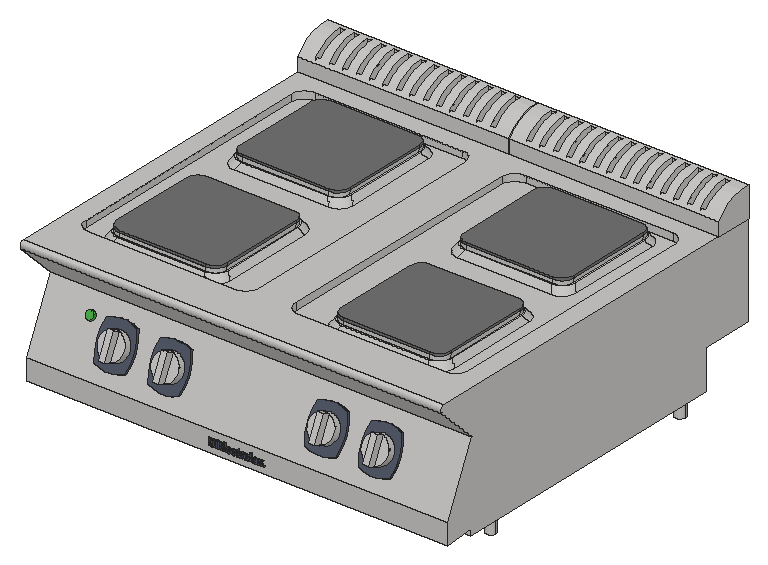
Revit family "QF_ELECTROLUXPROFESSIONAL_371017_E7ECEH4Q00", category Specialty Equipment, Revit 2018 (continued)
Automatic sketch dimensions
  Extrusion 8 sketch curve to Extrusion 8 sketch curve = 0.472 mm
  Extrusion 8 sketch curve to Extrusion 8 sketch curve = 0.101 mm
  Extrusion 8 sketch curve to Extrusion 8 sketch curve = 0.54 mm
  Extrusion 8 sketch curve to Extrusion 8 sketch curve = 0.02 mm
  Extrusion 8 sketch curve to Extrusion 8 sketch curve = 0.468 mm
  Extrusion 8 sketch curve to Extrusion 8 sketch curve = 0.829 mm
  Extrusion 8 sketch curve to Extrusion 8 sketch curve = 0.582 mm
  Extrusion 8 sketch curve to Extrusion 8 sketch curve = 0.166 mm
  Extrusion 8 sketch curve to Extrusion 8 sketch curve = 0.16 mm
  Extrusion 8 sketch curve to Extrusion 8 sketch curve = 2.781 mm
  Extrusion 8 sketch curve to Extrusion 8 sketch curve = 1.118 mm
  Extrusion 8 sketch curve to Extrusion 8 sketch curve = 0.613 mm
  Extrusion 8 sketch curve to Extrusion 8 sketch curve = 0.361 mm
  Extrusion 8 sketch curve to Extrusion 8 sketch curve = 0.897 mm
  Extrusion 8 sketch curve to Extrusion 8 sketch curve = 0.167 mm
  Extrusion 8 sketch curve to Extrusion 8 sketch curve = 0.292 mm
  Extrusion 8 sketch curve to Extrusion 8 sketch curve = 0.305 mm
  Extrusion 8 sketch curve to Extrusion 8 sketch curve = 1.557 mm
  Extrusion 8 sketch curve to Extrusion 8 sketch curve = 2.499 mm
  Extrusion 8 sketch curve to Extrusion 8 sketch curve = 3.062 mm
  Extrusion 8 sketch curve to Extrusion 8 sketch curve = 2.968 mm
  Extrusion 8 sketch curve to Extrusion 8 sketch curve = 5.044 mm
  Extrusion 8 sketch curve to Extrusion 8 sketch curve = 0.629 mm  (x2)
  Extrusion 8 sketch curve to Extrusion 8 sketch curve = 1.131 mm
  Extrusion 8 sketch curve to Extrusion 8 sketch curve = 0.137 mm
  Extrusion 8 sketch curve to Extrusion 8 sketch curve = 0.027 mm
  Extrusion 8 sketch curve to Extrusion 8 sketch curve = 2.235 mm
  Extrusion 9 sketch curve to plane 10 "TOP A" = 0 mm
  Extrusion 9 sketch curve to plane 1 "BACK" = 0 mm
  plane 1 "BACK" to Extrusion 9 sketch curve = 4.947 mm
  plane 6 "TOP" to Extrusion 9 sketch curve = 11.113 mm
  plane 1 "BACK" to Extrusion 9 sketch curve = 69.85 mm
  Extrusion 9 sketch curve to plane 10 "TOP A" = 24.807 mm
  plane 1 "BACK" to Extrusion 10 sketch curve = 6.761 mm  (x14)
  Extrusion 10 sketch curve to Extrusion 10 sketch curve = 57.15 mm
  Extrusion 10 sketch curve to Extrusion 10 sketch curve = 0 mm  (x13)
  Extrusion 10 sketch curve to Extrusion 10 sketch curve = 9.296 mm  (x14)
  Extrusion 10 sketch curve to Extrusion 10 sketch curve = 16.193 mm  (x13)
  Extrusion 11 sketch curve to plane 10 "TOP A" = 0 mm
  Extrusion 11 sketch curve to plane 1 "BACK" = 0 mm
  plane 1 "BACK" to Extrusion 11 sketch curve = 4.947 mm
  plane 6 "TOP" to Extrusion 11 sketch curve = 11.113 mm
  plane 1 "BACK" to Extrusion 11 sketch curve = 69.85 mm
  Extrusion 11 sketch curve to plane 10 "TOP A" = 24.807 mm
  plane 1 "BACK" to Extrusion 12 sketch curve = 6.761 mm  (x14)
  Extrusion 12 sketch curve to Extrusion 12 sketch curve = 57.15 mm
  Extrusion 12 sketch curve to Extrusion 12 sketch curve = 0 mm  (x13)
  plane 7 "Center Y" to Extrusion 12 sketch curve = 29.703 mm
  Extrusion 12 sketch curve to Extrusion 12 sketch curve = 9.296 mm  (x14)
  Extrusion 12 sketch curve to Extrusion 12 sketch curve = 16.193 mm  (x13)
  Extrusion 1 to Extrusion 13 sketch curve = 35.025 mm
  Extrusion 13 sketch curve to Extrusion 13 sketch curve = 25.4 mm  (x6)
  Extrusion 13 sketch curve to Extrusion 13 sketch curve = 279.2 mm  (x2)
  Extrusion 1 to Extrusion 13 sketch curve = 103.359 mm
  Extrusion 13 sketch curve to Extrusion 13 sketch curve = 70.05 mm
  Extrusion 1 to Extrusion 13 sketch curve = 60.425 mm  (x2)
  Extrusion 1 to Extrusion 13 sketch curve = 77.959 mm
  Extrusion 1 to Extrusion 13 sketch curve = 130.285 mm
  Extrusion 13 sketch curve to Extrusion 13 sketch curve = 0 mm
  Extrusion 14 sketch curve to Extrusion 14 sketch curve = 0 mm
  Extrusion 14 sketch curve to Extrusion 14 sketch curve = 12.3 mm  (x3)
  Extrusion 14 sketch curve to Extrusion 14 sketch curve = 34.925 mm  (x2)
  Extrusion 14 sketch curve to Extrusion 14 sketch curve = 46.691 mm
  Extrusion 14 sketch curve to Extrusion 14 sketch curve = 25.114 mm
  Extrusion 16 sketch curve to Extrusion 16 sketch curve = 24.732 mm
  Extrusion 16 sketch curve to Extrusion 16 sketch curve = 0 mm
  Extrusion 17 sketch curve to plane 4 "RIGHT" = 119.333 mm
  Extrusion 17 sketch curve to Extrusion 17 sketch curve = 0 mm
  Extrusion 17 sketch curve to Extrusion 17 sketch curve = 12.3 mm  (x3)
  Extrusion 17 sketch curve to Extrusion 17 sketch curve = 34.925 mm  (x2)
  Extrusion 17 sketch curve to Extrusion 17 sketch curve = 46.691 mm
  Extrusion 17 sketch curve to Extrusion 17 sketch curve = 25.727 mm
  Extrusion 17 sketch curve to Extrusion 17 sketch curve = 26.344 mm
  Extrusion 17 sketch curve to Extrusion 17 sketch curve = 28.57 mm
  Extrusion 19 sketch curve to Extrusion 19 sketch curve = 24.732 mm
  Extrusion 19 sketch curve to Extrusion 19 sketch curve = 0 mm
  plane 7 "Center Y" to Extrusion 20 sketch curve = 178.217 mm
  Extrusion 20 sketch curve to Extrusion 20 sketch curve = 0 mm
  Extrusion 20 sketch curve to Extrusion 20 sketch curve = 12.3 mm  (x3)
  Extrusion 20 sketch curve to Extrusion 20 sketch curve = 34.925 mm  (x2)
  Extrusion 20 sketch curve to Extrusion 20 sketch curve = 46.691 mm
  Extrusion 20 sketch curve to Extrusion 20 sketch curve = 25.727 mm
  Extrusion 20 sketch curve to Extrusion 20 sketch curve = 26.344 mm
  Extrusion 20 sketch curve to Extrusion 20 sketch curve = 28.57 mm
  Extrusion 22 sketch curve to Extrusion 22 sketch curve = 24.732 mm
  Extrusion 22 sketch curve to Extrusion 22 sketch curve = 0 mm
  curve 37 to curve 37 = 9.296 mm
  curve 35 to curve 38 = 16.193 mm
  plane 3 "LEFT" to Extrusion 5 sketch curve = 119.333 mm
  Extrusion 5 sketch curve to Extrusion 5 sketch curve = 0.617 mm
  Extrusion 5 sketch curve to Extrusion 5 sketch curve = 28.57 mm
  Extrusion 5 sketch curve to Extrusion 5 sketch curve = 29.185 mm
  plane 3 "LEFT" to Extrusion 10 sketch curve = 29.703 mm
  Extrusion 14 sketch curve to plane 7 "Center Y" = 178.217 mm
  Extrusion 14 sketch curve to Extrusion 14 sketch curve = 0.617 mm
  Extrusion 14 sketch curve to Extrusion 14 sketch curve = 29.185 mm
  Extrusion 1 to Extrusion 23 sketch curve = 38.77 mm
  Extrusion 1 to Extrusion 23 sketch curve = 89.384 mm
  curve 4 to curve 7 = 69.85 mm
  plane 3 "LEFT" to curve 128 = 35.025 mm
  curve 128 to curve 127 = 25.4 mm
  curve 129 to curve 122 = 25.4 mm
  curve 124 to plane 12 = 17.353 mm
  curve 124 to plane 7 "Center Y" = 60.425 mm
  plane 11 to curve 126 = 21.6 mm
  curve 126 to plane 7 "Center Y" = 60.425 mm
  curve 124 to curve 125 = 25.4 mm
  curve 131 to plane 12 = 17.353 mm
  plane 7 "Center Y" to curve 131 = 35.025 mm
  curve 130 to curve 132 = 25.4 mm
  curve 137 to curve 137 = 25.4 mm
  curve 135 to plane 4 "RIGHT" = 60.425 mm
  curve 133 to plane 12 = 17.353 mm
  curve 133 to plane 4 "RIGHT" = 60.425 mm
  plane 11 to curve 136 = 47 mm
  radius of Extrusion 2 sketch curve = 9.525 mm  (x4)
  radius of Extrusion 3 sketch curve = 12.7 mm
  radius of Extrusion 6 sketch curve = 25.4 mm
  radius of Extrusion 7 sketch curve to Extrusion 6 = 0 mm  (x2)
  radius of Extrusion 15 sketch curve = 25.4 mm
  radius of Extrusion 16 sketch curve to Extrusion 15 = 0 mm  (x2)
  radius of Extrusion 18 sketch curve = 25.4 mm
  radius of Extrusion 19 sketch curve to Extrusion 18 = 0 mm  (x2)
  radius of Extrusion 21 sketch curve = 25.4 mm
  radius of Extrusion 22 sketch curve to Extrusion 21 = 0 mm  (x2)
  radius of Extrusion 23 sketch curve = 8 mm
Nested families
  nested 1: "371017_QF_Electrolux_HOT PLATES" at (72.525, -113.898, 261.938), type "371017_QF_Electrolux_HOT PLATES"
    with Type Mark "", Specification by User "", Revision Code "", Item Number "", Installed By "", Identify Quantity as Lot yes, Furnished By "", Foodservice Equipment Identifier yes
  nested 2: "371017_QF_Electrolux_HOT PLATES" at (72.525, -635.872, 261.938), type "371017_QF_Electrolux_HOT PLATES"
    with Type Mark "", Specification by User "", Revision Code "", Item Number "", Installed By "", Identify Quantity as Lot yes, Furnished By "", Foodservice Equipment Identifier yes
  nested 3: "371017_QF_Electrolux_HOT PLATES" at (727.575, -113.898, 261.938) x (-1, 0, 0) z (0, 0, 1), type "371017_QF_Electrolux_HOT PLATES"
    with Type Mark "", Specification by User "", Revision Code "", Item Number "", Installed By "", Identify Quantity as Lot yes, Furnished By "", Foodservice Equipment Identifier yes
  nested 4: "371017_QF_Electrolux_HOT PLATES" at (727.575, -635.872, 261.938) x (-1, 0, 0) z (0, 0, 1), type "371017_QF_Electrolux_HOT PLATES"
    with Type Mark "", Specification by User "", Revision Code "", Item Number "", Installed By "", Identify Quantity as Lot yes, Furnished By "", Foodservice Equipment Identifier yes
Connectors
  electrical at (747.712, -98.425, 60.325), driven by "Volts", driven by "Watts"
    settings: on Extrusion 3, index 1, voltage 400 V, apparent load 10400 VA, apparent load phase1 0 VA, apparent load phase2 0 VA, apparent load phase3 0 VA, power factor 1, load classification "Other", number of poles 1, system type 30, power factor state 1, is connector primary yes, connector utility no, sub classification motor no, connector description "Electrical Connection"
Definition of nested family "371017_QF_Electrolux_HOT PLATES"
  Parameters
    Width = 230 mm  # constant formula
    Weight in Pounds = 0
    URL Cutsheet = ""
    URL = ""
    Type Mark [instance] = ""
    Specification by User [instance] = ""
    Specification by Manufacturer = ""
    Serial Number = ""
    Seismic Rating = ""
    SMACNA No = ""
    Revision Code [instance] = ""
    Omniclass Number and Title = ""
    NAFEM Spec ID Number = ""
    Model = ""
    Masterspec = ""
    Manufacturer = ""
    Item Number [instance] = ""
    Installed By [instance] = ""
    Identify Quantity as Lot [instance] = yes
    Height = 23 mm  # constant formula
    Furnished By [instance] = ""
    Foodservice Equipment Identifier [instance] = yes
    Description = ""
    Depth = 230 mm  # constant formula
    CSI MasterFormat = ""
    CSI Master Format = ""
    Assembly Code = ""
  Reference planes
    plane 1 "BACK": y = 0
    plane 2: z = 0
    plane 3 "LEFT": x = 0
    plane 4 "RIGHT": x = 230
    plane 5 "FRONT": y = -230
    plane 6 "TOP": z = 23
    plane 7 "Center Y": x = 115
    plane 8 "Center X": y = -115
  Forms (mm)
    Extrusion 1, solid
      sketch origin (-72.525, 113.875, 19.181) x (1, 0, 0) y (0, 1, 0)
        loop
          arc (82.823, -310.573) -> (89.325, -326.271) -> (105.023, -332.773) r 22.2
          line (105.023, -332.773) -> (269.223, -332.773)
          arc (269.223, -332.773) -> (284.921, -326.271) -> (291.423, -310.573) r 22.2
          line (291.423, -310.573) -> (291.423, -146.373)
          arc (291.423, -146.373) -> (284.921, -130.675) -> (269.223, -124.173) r 22.2
          line (269.223, -124.173) -> (105.023, -124.173)
          arc (105.023, -124.173) -> (89.325, -130.675) -> (82.823, -146.373) r 22.2
          line (82.823, -146.373) -> (82.823, -310.573)
      from 0 to 3.819
    Blend 2, solid
      base sketch origin (-72.525, 113.875, 0) x (1, 0, 0) y (0, 1, 0)
        loop
          arc (97.925, -113.875) -> (79.964, -121.314) -> (72.525, -139.275) r 25.4
          line (72.525, -139.275) -> (72.525, -318.475)
          arc (72.525, -318.475) -> (79.964, -336.436) -> (97.925, -343.875) r 25.4
          line (97.925, -343.875) -> (277.125, -343.875)
          arc (277.125, -343.875) -> (295.086, -336.436) -> (302.525, -318.475) r 25.4
          line (302.525, -318.475) -> (302.525, -139.275)
          arc (302.525, -139.275) -> (295.086, -121.314) -> (277.125, -113.875) r 25.4
          line (277.125, -113.875) -> (97.925, -113.875)
      top sketch origin (-72.525, 113.875, 0) x (1, 0, 0) y (0, 1, 0)
        loop
          line (105.023, -335.973) -> (269.223, -335.973)
          arc (269.223, -335.973) -> (287.183, -328.533) -> (294.623, -310.573) r 25.4
          line (294.623, -310.573) -> (294.623, -146.373)
          arc (294.623, -146.373) -> (287.183, -128.412) -> (269.223, -120.973) r 25.4
          line (269.223, -120.973) -> (105.023, -120.973)
          arc (105.023, -120.973) -> (87.062, -128.412) -> (79.623, -146.373) r 25.4
          line (79.623, -146.373) -> (79.623, -310.573)
          arc (79.623, -310.573) -> (87.062, -328.533) -> (105.023, -335.973) r 25.4
      from 0 to 11.731
    Extrusion 3, solid
      sketch origin (-72.525, 113.875, 11.731) x (1, 0, 0) y (0, 1, 0)
        loop
          line (105.023, -332.773) -> (269.223, -332.773)
          arc (269.223, -332.773) -> (284.921, -326.271) -> (291.423, -310.573) r 22.2
          line (291.423, -310.573) -> (291.423, -146.373)
          arc (291.423, -146.373) -> (284.921, -130.675) -> (269.223, -124.173) r 22.2
          line (269.223, -124.173) -> (105.023, -124.173)
          arc (105.023, -124.173) -> (89.325, -130.675) -> (82.823, -146.373) r 22.2
          line (82.823, -146.373) -> (82.823, -310.573)
          arc (82.823, -310.573) -> (89.325, -326.271) -> (105.023, -332.773) r 22.2
      from 0 to 7.45
  Lines and regions (mm)
    symbolic lines
      curve 1: arc (0, -25.4, 0) -> (7.439, -7.439, 0) -> (25.4, 0, 0) r 25.4
      curve 2: line (25.4, 0, 0) -> (204.6, 0, 0)
      curve 3: arc (204.6, 0, 0) -> (222.561, -7.439, 0) -> (230, -25.4, 0) r 25.4
      curve 4: line (230, -25.4, 0) -> (230, -204.6, 0)
      curve 5: line (0, -204.6, 0) -> (0, -25.4, 0)
      curve 6: arc (25.4, -230, 0) -> (7.439, -222.561, 0) -> (0, -204.6, 0) r 25.4
      curve 7: line (204.6, -230, 0) -> (25.4, -230, 0)
      curve 8: arc (230, -204.6, 0) -> (222.561, -222.561, 0) -> (204.6, -230, 0) r 25.4
      curve 9: line (196.698, -7.098, 0) -> (32.498, -7.098, 0)
      curve 10: arc (32.498, -7.098, 0) -> (14.537, -14.537, 0) -> (7.098, -32.498, 0) r 25.4
      curve 11: line (7.098, -32.498, 0) -> (7.098, -196.698, 0)
      curve 12: arc (7.098, -196.698, 0) -> (14.537, -214.658, 0) -> (32.498, -222.098, 0) r 25.4
      curve 13: line (32.498, -222.098, 0) -> (196.698, -222.098, 0)
      curve 14: arc (196.698, -222.098, 0) -> (214.658, -214.658, 0) -> (222.098, -196.698, 0) r 25.4
      curve 15: line (222.098, -196.698, 0) -> (222.098, -32.498, 0)
      curve 16: arc (222.098, -32.498, 0) -> (214.658, -14.537, 0) -> (196.698, -7.098, 0) r 25.4
      curve 17: line (196.698, -10.298, 0) -> (32.498, -10.298, 0)
      curve 18: arc (32.498, -10.298, 0) -> (16.8, -16.8, 0) -> (10.298, -32.498, 0) r 22.2
      curve 19: line (10.298, -32.498, 0) -> (10.298, -196.698, 0)
      curve 20: arc (10.298, -196.698, 0) -> (16.8, -212.396, 0) -> (32.498, -218.898, 0) r 22.2
      curve 21: line (32.498, -218.898, 0) -> (196.698, -218.898, 0)
      curve 22: arc (196.698, -218.898, 0) -> (212.396, -212.396, 0) -> (218.898, -196.698, 0) r 22.2
      curve 23: line (218.898, -196.698, 0) -> (218.898, -32.498, 0)
      curve 24: arc (218.898, -32.498, 0) -> (212.396, -16.8, 0) -> (196.698, -10.298, 0) r 22.2
  Dimensions and locks
    equal spacing: plane 3 "LEFT", plane 7 "Center Y", plane 4 "RIGHT"
    "Width": plane 3 "LEFT" to plane 4 "RIGHT"
    equal spacing: plane 5 "FRONT", plane 8 "Center X", plane 1 "BACK"
    "Depth": plane 5 "FRONT" to plane 1 "BACK"
    plane 1 "BACK" to plane 5 "FRONT" = 230 mm
    "Height": plane 6 "TOP" to level
    aligned and locked: level to plane 2
  Automatic sketch dimensions
    Blend 2 sketch curve to plane 3 "LEFT" = 0 mm
    plane 1 "BACK" to Blend 2 sketch curve = 0 mm
    plane 5 "FRONT" to Blend 2 sketch curve = 0 mm
    Blend 2 sketch curve to plane 4 "RIGHT" = 0 mm
    plane 3 "LEFT" to Blend 2 sketch curve = 25.4 mm  (x2)
    Blend 2 sketch curve to plane 4 "RIGHT" = 25.4 mm  (x2)
    plane 3 "LEFT" to Blend 2 sketch curve = 7.098 mm
    plane 1 "BACK" to Blend 2 sketch curve = 7.098 mm
    plane 3 "LEFT" to Blend 2 sketch curve = 32.498 mm
    Blend 2 sketch curve to Blend 2 sketch curve = 25.4 mm
    Blend 2 sketch curve to plane 5 "FRONT" = 7.902 mm
    Blend 2 sketch curve to plane 4 "RIGHT" = 33.302 mm  (x2)
    Blend 2 sketch curve to plane 4 "RIGHT" = 7.902 mm
    Extrusion 3 sketch curve to Extrusion 3 sketch curve = 22.2 mm
    Extrusion 3 sketch curve to Blend 2 = 25.4 mm
    Extrusion 1 sketch curve to Extrusion 3 = 22.2 mm
    Extrusion 1 sketch curve to Extrusion 1 sketch curve = 22.2 mm
    curve 1 to plane 3 "LEFT" = 0 mm
    plane 1 "BACK" to curve 1 = 0 mm
    plane 3 "LEFT" to curve 1 = 25.4 mm
    curve 2 to plane 4 "RIGHT" = 25.4 mm
    curve 3 to plane 4 "RIGHT" = 0 mm
    curve 4 to plane 5 "FRONT" = 25.4 mm
    curve 5 to plane 5 "FRONT" = 25.4 mm
    plane 5 "FRONT" to curve 6 = 0 mm
    plane 3 "LEFT" to curve 11 = 7.098 mm
    curve 6 to curve 13 = 7.098 mm
    plane 1 "BACK" to curve 10 = 7.098 mm
    curve 1 to curve 10 = 7.098 mm
    curve 14 to curve 7 = 7.902 mm
    curve 16 to curve 3 = 7.902 mm
    curve 16 to plane 4 "RIGHT" = 7.902 mm
    curve 13 to plane 5 "FRONT" = 7.902 mm
    curve 10 to curve 18 = 0 mm  (x2)
    curve 12 to curve 20 = 0 mm  (x2)
    curve 14 to curve 22 = 0 mm  (x2)
    curve 16 to curve 24 = 0 mm
    curve 10 to curve 19 = 3.2 mm
    radius of Extrusion 3 sketch curve to Blend 2 = 3.2 mm  (x2)
    radius of Extrusion 1 sketch curve to Extrusion 3 = 0 mm  (x2)
